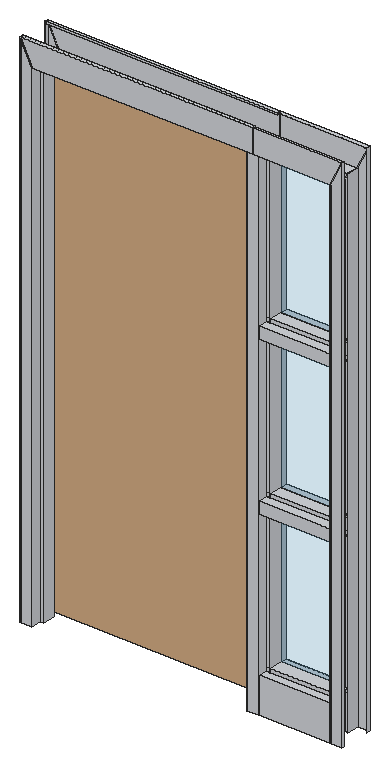
Revit family "Three SideLight Ext-F-WDMF-36 x 84 -18 LSLT-4 Head", category Doors, host Wall, Revit 2014
Parameters (values of type "Ext-F-WDMF-36" x 84"-18"LSLT-4" Head")
  Width = Door Panel Width  # 3' - 0"
  Wall Thickness [instance] = 0' - 5 3/4"
  URL = ""
  Type Comments = "EXT,"
  Thickness = 0' - 1 3/4"
  Swing Angle [instance] = 90.00°
  Sidelite Width = P1 Width - 0' 2"  # 1' - 0"
  SDI RO Spacing = 0' - 0"
  SDI Panel 1 Width = Leaf Width + 0' 0 3/16"  # 3' - 0"
  SDI No Panels = ""
  SDI Left Sidelite Width = Sidelite Width  # 1' - 0"
  SDI HW Set [instance] = ""
  SDI HW Item LO-2 [instance] = ""
  SDI HW Item LO-1 [instance] = ""
  SDI HW Item KP-2 [instance] = ""
  SDI HW Item KP-1 [instance] = ""
  SDI HW Item HI-2 [instance] = ""
  SDI HW Item HI-1 [instance] = ""
  SDI HW Item HC-2 [instance] = ""
  SDI HW Item HC-1 [instance] = ""
  SDI HW Item ED-2 [instance] = ""
  SDI HW Item ED-1 [instance] = ""
  SDI HW Item DO-2 [instance] = ""
  SDI HW Item DO-1 [instance] = ""
  SDI HW Item CL-2 [instance] = ""
  SDI HW Item CL-1 [instance] = ""
  SDI Glass Material = Glass
  SDI Frame Type = "Panel Left Sidelite"
  SDI Frame Sill Width = 0' - 6"
  SDI Frame Material Type = "Hollow Metal"
  SDI Frame Material = Paint - Generic - Prime
  SDI Frame Manufacturer = ""
  SDI Frame Jamb Width = 0' - 2"
  SDI Frame Head Width = 0' - 4"
  SDI Frame Finish Type = "Painted"
  SDI Frame Finish Color = "Prime"
  SDI Frame Depth [instance] = 0' - 5 3/4"
  SDI Family Version = "1.0"
  SDI Door Panel Type = "F"
  SDI Door Material Type = "Hollow Metal"
  SDI Door Material = Stain - SRO - Red Oak 100 Clear
  SDI Door Manufacturer = ""
  SDI Door Finish Type = "Painted"
  SDI Door Finish Color = "Prime"
  SDI Door Configuration = "SG"
  SDI Arch Frame Type [instance] = ""
  SDI Arch Frame Material Type [instance] = "HM"
  SDI Arch Door Panel Type [instance] = "F"
  SDI Arch Door Material Type [instance] = "HM"
  SDI Adjacent Wall Placement = 0' - 4"
  Rough Width = Frame Width - 0' 0" + 2 * SDI RO Spacing  # 4' - 6"
  Rough Height = Frame Height - 0' 0" + SDI RO Spacing  # 7' - 4"
  R1 Height = 7' - 2"
  P2 Width = 3' - 2"
  P1 Width = 1' - 2"
  Model = "Ext-F-WDMF-36\" x 84\"-18\"LSLT-4\" Head"
  Manufacturer = ""
  Leaf Width = P2 Width - 0' 2 3/16"  # 2' - 11 13/16"
  Height = Door Panel Height  # 7' - 0"
  Glass Offset [instance] = 0' 2 1/16" + (SDI Frame Depth - 0' 5 3/4") / 2  # 0' - 2 1/16"
  Function = Exterior
  Frame Width = P1 Width + P2 Width + 0' 2"  # 4' - 6"
  Frame Offset [instance] = if(Aligned Exterior, SDI Frame Depth / 2, if(Aligned Center, Wall Thickness / 2, if(Aligned Interior, Wall Thickness - SDI Frame Depth + SDI Frame Depth / 2, Aligned Other)))  # 0' - 2 7/8"
  Frame Height = R1 Height + 0' 2"  # 7' - 4"
  Fire Rating = ""
  Exterior Glazing [instance] = no
  Door Panel Width = P2 Width - 0' 2"  # 3' - 0"
  Door Panel Height = R1 Height + 0' 2" - (0' 4")  # 7' - 0"
  Door Offset [instance] = 0' 2 13/16" + (SDI Frame Depth - 0' 5 3/4") / 2  # 0' - 2 13/16"
  Description = "Three SideLight Hollow Wood Door with Hollow Metal Frame"
  Cost = 0
  Assembly Code = "B2030220"
  Analytic Construction = "<None>"
  Aligned Other [instance] = 0' - 0"
  Aligned Interior [instance] = no
  Aligned Exterior [instance] = yes
  Aligned Center [instance] = no
  ADA Clearance Lines = no
Reference planes (in)
  plane 1: y = 0
  plane 2 "Center (Left/Right)": x = 0
  plane 3 "Wall Edge": y = 2.875
  plane 4 "Wall Interior": y = -2.875
  plane 5 "ModelRefLevel": z = 0
  plane 6 "FrameDepthPlane": y = 0
  plane 7 "FrameFront": y = 2.875
  plane 8 "FrameBack": y = -2.875
  plane 9 "V0": x = 26
  plane 10 "V1": x = 12
  plane 11 "V2": x = -26
  plane 12 "H0": z = 1
  plane 13 "H1": z = 87
  plane 14 "InTermLeftJamb0": x = 25
  plane 15 "OutTermLeftJamb0": x = 27
  plane 16 "OutsideJamb1": x = 11
  plane 17 "InsideJamb1": x = 13
  plane 18 "InTermRightJamb2": x = -25
  plane 19 "OutTermRightJamb2": x = -27
  plane 20 "D0.151041666666667": y = 1.0625
  plane 21 "D0.109375": y = 1.5625
  plane 22 "DoorLeft": x = 11
  plane 23 "DoorRight": x = -25
  plane 24 "DoorCenter": x = -7
  plane 25 "DoorTop": z = 83.875
  plane 26 "DoorCenterTB": z = 41.9375
  plane 27 "DoorExtFace": y = 2.8125
  plane 28 "DoorGlassFace": y = 2.0625
  plane 29 "LockCenterLine": z = 41.3125
  plane 30 "ActDoorRight": x = -24.90625
  plane 31 "SwingClrPlane": y = 62.875
  plane 32 "SwingPartialPlane": y = 50.875
  plane 33 "LeftAdjWall": x = 31
  plane 34: z = 44
  plane 35: z = 57.5625
  plane 36: z = 31.25
  plane 37: z = 4.9375
Forms (in)
  Extrusion 1, solid
    sketch origin (145.6875, 0, 44) x (-1, 0, 0) y (0, -1, 0)
      loop
        line (118.6875, -2.375) -> (118.6875, -2.875) -> (120.6875, -2.875) -> (120.6875, -0.9375) -> (121.3125, -0.9375) -> (121.3125, 1.3125) -> (120.6875, 1.3125) -> (120.6875, 2.875) -> (118.6875, 2.875) -> (118.6875, 2.4375) -> (118.75, 2.4375) -> (118.75, 2.8125) -> (120.625, 2.8125) -> (120.625, 1.25) -> (121.25, 1.25) -> (121.25, -0.875) -> (120.625, -0.875) -> (120.625, -2.8125) -> (118.75, -2.8125) -> (118.75, -2.375) -> (118.6875, -2.375)
    from -44 to 44
  Extrusion 2, void
    sketch origin (0, 2.875, 0) x (1, 0, 0) y (0, 0, 1)
      loop
        line (27, 88) -> (24.375, 88) -> (24.375, 82.75) -> (27, 88)
    from -12 to 12
  Extrusion 3, solid
    sketch origin (132, 0, 42) x (-1, 0, 0) y (0, -1, 0)
      loop
        line (119, -2.875) -> (121, -2.875) -> (121, -0.9375) -> (121.625, -0.9375) -> (121.625, 1.3125) -> (121, 1.3125) -> (121, 2.875) -> (119, 2.875) -> (119, 1.3125) -> (118.375, 1.3125) -> (118.375, -0.9375) -> (119, -0.9375) -> (119, -2.875)
      loop
        line (119.0625, -2.8125) -> (120.9375, -2.8125) -> (120.9375, -0.875) -> (121.5625, -0.875) -> (121.5625, 1.25) -> (120.9375, 1.25) -> (120.9375, 2.8125) -> (119.0625, 2.8125) -> (119.0625, 1.25) -> (118.4375, 1.25) -> (118.4375, -0.875) -> (119.0625, -0.875) -> (119.0625, -2.8125)
    from -42 to 42
  Extrusion 4, solid
    sketch origin (94.3125, 0, 44) x (-1, 0, 0) y (0, -1, 0)
      loop
        line (121.25, -2.375) -> (121.25, -2.8125) -> (119.375, -2.8125) -> (119.375, -0.875) -> (118.75, -0.875) -> (118.75, 1.25) -> (119.375, 1.25) -> (119.375, 2.8125) -> (121.25, 2.8125) -> (121.25, 2.4375) -> (121.3125, 2.4375) -> (121.3125, 2.875) -> (119.3125, 2.875) -> (119.3125, 1.3125) -> (118.6875, 1.3125) -> (118.6875, -0.9375) -> (119.3125, -0.9375) -> (119.3125, -2.875) -> (121.3125, -2.875) -> (121.3125, -2.375) -> (121.25, -2.375)
    from -44 to 44
  Extrusion 5, void
    sketch origin (0, 2.875, 0) x (1, 0, 0) y (0, 0, 1)
      loop
        line (-27, 88) -> (-24.375, 82.75) -> (-24.375, 88) -> (-27, 88)
    from -12 to 12
  Extrusion 6, solid
    sketch origin (19, 0, 3.3125) x (0, 1, 0) y (0, 0, 1)
      loop
        line (2.375, -3.3125) -> (2.875, -3.3125) -> (2.875, 2.6875) -> (0.9375, 2.6875) -> (0.9375, 3.3125) -> (-1.3125, 3.3125) -> (-1.3125, 2.6875) -> (-2.875, 2.6875) -> (-2.875, -3.3125) -> (-2.4375, -3.3125) -> (-2.4375, -3.25) -> (-2.8125, -3.25) -> (-2.8125, 2.625) -> (-1.25, 2.625) -> (-1.25, 3.25) -> (0.875, 3.25) -> (0.875, 2.625) -> (2.8125, 2.625) -> (2.8125, -3.25) -> (2.375, -3.25) -> (2.375, -3.3125)
    from -6 to 6
  Extrusion 7, solid
    sketch origin (19.5, 0, 85.6875) x (0, 1, 0) y (0, 0, 1)
      loop
        line (2.375, 2.25) -> (2.8125, 2.25) -> (2.8125, -1.625) -> (0.875, -1.625) -> (0.875, -2.25) -> (-1.25, -2.25) -> (-1.25, -1.625) -> (-2.8125, -1.625) -> (-2.8125, 2.25) -> (-2.4375, 2.25) -> (-2.4375, 2.3125) -> (-2.875, 2.3125) -> (-2.875, -1.6875) -> (-1.3125, -1.6875) -> (-1.3125, -2.3125) -> (0.9375, -2.3125) -> (0.9375, -1.6875) -> (2.875, -1.6875) -> (2.875, 2.3125) -> (2.375, 2.3125) -> (2.375, 2.25)
    from -7.5 to 7.5
  Extrusion 8, void
    sketch origin (0, 2.875, 0) x (1, 0, 0) y (0, 0, 1)
      loop
        line (27, 88) -> (24.6875, 83.375) -> (27, 83.375) -> (27, 88)
    from -12 to 12
  Extrusion 9, solid
    sketch origin (-7.5, 0, 85.6875) x (0, 1, 0) y (0, 0, 1)
      loop
        line (2.4375, 1.9375) -> (2.4375, 2.25) -> (2.8125, 2.25) -> (2.8125, -1.625) -> (0.875, -1.625) -> (0.875, -2.25) -> (-1.25, -2.25) -> (-1.25, -1.625) -> (-2.8125, -1.625) -> (-2.8125, 2.25) -> (-2.4375, 2.25) -> (-2.4375, 1.9375) -> (-2.375, 1.9375) -> (-2.375, 2.3125) -> (-2.875, 2.3125) -> (-2.875, -1.6875) -> (-1.3125, -1.6875) -> (-1.3125, -2.3125) -> (0.9375, -2.3125) -> (0.9375, -1.6875) -> (2.875, -1.6875) -> (2.875, 2.3125) -> (2.375, 2.3125) -> (2.375, 1.9375) -> (2.4375, 1.9375)
    from -19.5 to 19.5
  Extrusion 10, void
    sketch origin (0, 2.875, 0) x (1, 0, 0) y (0, 0, 1)
      loop
        line (-27, 88) -> (-27, 83.375) -> (-24.6875, 83.375) -> (-27, 88)
    from -12 to 12
  Extrusion 11, solid, material "Glass" <- "SDI Glass Material"
    sketch origin (-60, 1.0625, -12) x (1, 0, 0) y (0, 0, 1)
      loop
        line (85, 18) -> (85, 42.25) -> (73, 42.25) -> (73, 18) -> (85, 18)
      loop
        line (73, 96) -> (73, 70.5625) -> (85, 70.5625) -> (85, 96) -> (73, 96)
      loop
        line (85, 68.5625) -> (73, 68.5625) -> (73, 44.25) -> (85, 44.25) -> (85, 68.5625)
    from -0.125 to 0.125
  Extrusion 12, solid, material "Glass" <- "SDI Glass Material", visible <- "Exterior Glazing"
    sketch origin (-60, 1.5625, -12) x (1, 0, 0) y (0, 0, 1)
      loop
        line (85, 18) -> (85, 41.6875) -> (73, 41.6875) -> (73, 18) -> (85, 18)
      loop
        line (73, 96) -> (73, 70.5625) -> (85, 70.5625) -> (85, 96) -> (73, 96)
      loop
        line (85, 68.625) -> (73, 68.625) -> (73, 44.25) -> (85, 44.25) -> (85, 68.625)
    from -0.125 to 0.125
  Extrusion 13, solid, material "Stain - SRO - Red Oak 100 Clear" <- "SDI Door Material"
    sketch origin (-60, 2.8125, -12) x (1, 0, 0) y (0, 0, 1)
      loop
        line (35.09375, 12.625) -> (70.90625, 12.625) -> (70.90625, 95.875) -> (35.09375, 95.875) -> (35.09375, 12.625)
    from 0 to 1.75
  Sweep 14, solid
    path origin (0, 2.875, 0) x (1, 0, 0) y (0, 0, 1)
      loop
        line (25, 44) -> (13, 44)
    profile origin (19, 2.875, 44) x (0, 0, -1) y (0, -1, 0)
      loop
        line (-12, 4.125) -> (-12.625, 4.125) -> (-12.625, 5.6875) -> (-14.5, 5.6875) -> (-14.5, 4.125) -> (-15.125, 4.125) -> (-15.125, 2) -> (-14.5, 2) -> (-14.5, 0.0625) -> (-12.625, 0.0625) -> (-12.625, 2) -> (-12, 2) -> (-12, 4.125)
      loop
        line (-14.5625, 0) -> (-12.5625, 0) -> (-12.5625, 1.9375) -> (-11.9375, 1.9375) -> (-11.9375, 4.1875) -> (-12.5625, 4.1875) -> (-12.5625, 5.75) -> (-14.5625, 5.75) -> (-14.5625, 4.1875) -> (-15.1875, 4.1875) -> (-15.1875, 1.9375) -> (-14.5625, 1.9375) -> (-14.5625, 0)
      loop
        line (14.3125, 4.125) -> (13.6875, 4.125) -> (13.6875, 5.6875) -> (11.8125, 5.6875) -> (11.8125, 4.125) -> (11.1875, 4.125) -> (11.1875, 2) -> (11.8125, 2) -> (11.8125, 0.0625) -> (13.6875, 0.0625) -> (13.6875, 2) -> (14.3125, 2) -> (14.3125, 4.125)
      loop
        line (11.75, 0) -> (13.75, 0) -> (13.75, 1.9375) -> (14.375, 1.9375) -> (14.375, 4.1875) -> (13.75, 4.1875) -> (13.75, 5.75) -> (11.75, 5.75) -> (11.75, 4.1875) -> (11.125, 4.1875) -> (11.125, 1.9375) -> (11.75, 1.9375) -> (11.75, 0)
Cuts and joins
  Extrusion 2 cuts Extrusion 1
  Extrusion 5 cuts Extrusion 4
  Extrusion 8 cuts Extrusion 7
  Extrusion 10 cuts Extrusion 9
Lines and regions (in)
  Opening 1
    outline origin (-60, -2.875, 0) x (1, 0, 0) y (0, 0, 1)
      loop
        line (87, 0) -> (87, 88) -> (33, 88) -> (33, 0) -> (87, 0)
  symbolic lines, style "DoorsFrameMullionProjection", detail levels fine
    curve 1: line (27, 2.375, 0) -> (27, 2.875, 0)
    curve 2: line (27, 2.875, 0) -> (25, 2.875, 0)
    curve 3: line (25, 2.875, 0) -> (25, 0.9375, 0)
    curve 4: line (25, 0.9375, 0) -> (24.375, 0.9375, 0)
    curve 5: line (24.375, 0.9375, 0) -> (24.375, -1.3125, 0)
    curve 6: line (24.375, -1.3125, 0) -> (25, -1.3125, 0)
    curve 7: line (25, -1.3125, 0) -> (25, -2.875, 0)
    curve 8: line (25, -2.875, 0) -> (27, -2.875, 0)
    curve 9: line (27, -2.875, 0) -> (27, -2.4375, 0)
    curve 10: line (27, -2.4375, 0) -> (26.9375, -2.4375, 0)
    curve 11: line (26.9375, -2.4375, 0) -> (26.9375, -2.8125, 0)
    curve 12: line (26.9375, -2.8125, 0) -> (25.0625, -2.8125, 0)
    curve 13: line (25.0625, -2.8125, 0) -> (25.0625, -1.25, 0)
    curve 14: line (25.0625, -1.25, 0) -> (24.4375, -1.25, 0)
    curve 15: line (24.4375, -1.25, 0) -> (24.4375, 0.875, 0)
    curve 16: line (24.4375, 0.875, 0) -> (25.0625, 0.875, 0)
    curve 17: line (25.0625, 0.875, 0) -> (25.0625, 2.8125, 0)
    curve 18: line (25.0625, 2.8125, 0) -> (26.9375, 2.8125, 0)
    curve 19: line (26.9375, 2.8125, 0) -> (26.9375, 2.375, 0)
    curve 20: line (26.9375, 2.375, 0) -> (27, 2.375, 0)
    curve 25: line (13, 2.875, 0) -> (11, 2.875, 0)
    curve 26: line (11, 2.875, 0) -> (11, 0.9375, 0)
    curve 27: line (11, 0.9375, 0) -> (10.375, 0.9375, 0)
    curve 28: line (10.375, 0.9375, 0) -> (10.375, -1.3125, 0)
    curve 29: line (10.375, -1.3125, 0) -> (11, -1.3125, 0)
    curve 30: line (11, -1.3125, 0) -> (11, -2.875, 0)
    curve 31: line (11, -2.875, 0) -> (13, -2.875, 0)
    curve 32: line (13, -2.875, 0) -> (13, -1.3125, 0)
    curve 33: line (13, -1.3125, 0) -> (13.625, -1.3125, 0)
    curve 34: line (13.625, -1.3125, 0) -> (13.625, 0.9375, 0)
    curve 35: line (13.625, 0.9375, 0) -> (13, 0.9375, 0)
    curve 36: line (13, 0.9375, 0) -> (13, 2.875, 0)
    curve 37: line (12.9375, 2.8125, 0) -> (11.0625, 2.8125, 0)
    curve 38: line (11.0625, 2.8125, 0) -> (11.0625, 0.875, 0)
    curve 39: line (11.0625, 0.875, 0) -> (10.4375, 0.875, 0)
    curve 40: line (10.4375, 0.875, 0) -> (10.4375, -1.25, 0)
    curve 41: line (10.4375, -1.25, 0) -> (11.0625, -1.25, 0)
    curve 42: line (11.0625, -1.25, 0) -> (11.0625, -2.8125, 0)
    curve 43: line (11.0625, -2.8125, 0) -> (12.9375, -2.8125, 0)
    curve 44: line (12.9375, -2.8125, 0) -> (12.9375, -1.25, 0)
    curve 45: line (12.9375, -1.25, 0) -> (13.5625, -1.25, 0)
    curve 46: line (13.5625, -1.25, 0) -> (13.5625, 0.875, 0)
    curve 47: line (13.5625, 0.875, 0) -> (12.9375, 0.875, 0)
    curve 48: line (12.9375, 0.875, 0) -> (12.9375, 2.8125, 0)
    curve 53: line (-26.9375, 2.375, 0) -> (-26.9375, 2.8125, 0)
    curve 54: line (-26.9375, 2.8125, 0) -> (-25.0625, 2.8125, 0)
    curve 55: line (-25.0625, 2.8125, 0) -> (-25.0625, 0.875, 0)
    curve 56: line (-25.0625, 0.875, 0) -> (-24.4375, 0.875, 0)
    curve 57: line (-24.4375, 0.875, 0) -> (-24.4375, -1.25, 0)
    curve 58: line (-24.4375, -1.25, 0) -> (-25.0625, -1.25, 0)
    curve 59: line (-25.0625, -1.25, 0) -> (-25.0625, -2.8125, 0)
    curve 60: line (-25.0625, -2.8125, 0) -> (-26.9375, -2.8125, 0)
    curve 61: line (-26.9375, -2.8125, 0) -> (-26.9375, -2.4375, 0)
    curve 62: line (-26.9375, -2.4375, 0) -> (-27, -2.4375, 0)
    curve 63: line (-27, -2.4375, 0) -> (-27, -2.875, 0)
    curve 64: line (-27, -2.875, 0) -> (-25, -2.875, 0)
    curve 65: line (-25, -2.875, 0) -> (-25, -1.3125, 0)
    curve 66: line (-25, -1.3125, 0) -> (-24.375, -1.3125, 0)
    curve 67: line (-24.375, -1.3125, 0) -> (-24.375, 0.9375, 0)
    curve 68: line (-24.375, 0.9375, 0) -> (-25, 0.9375, 0)
    curve 69: line (-25, 0.9375, 0) -> (-25, 2.875, 0)
    curve 70: line (-25, 2.875, 0) -> (-27, 2.875, 0)
    curve 71: line (-27, 2.875, 0) -> (-27, 2.375, 0)
    curve 72: line (-27, 2.375, 0) -> (-26.9375, 2.375, 0)
  symbolic lines, style "DoorsFrameMullionProjection", detail levels coarse+medium
    curve 21: line (25, -2.875, 0) -> (27, -2.875, 0)
    curve 22: line (25, 2.875, 0) -> (27, 2.875, 0)
    curve 23: line (25, -2.875, 0) -> (25, 2.875, 0)
    curve 24: line (27, -2.875, 0) -> (27, 2.875, 0)
    curve 49: line (11, -2.875, 0) -> (13, -2.875, 0)
    curve 50: line (11, 2.875, 0) -> (13, 2.875, 0)
    curve 51: line (11, -2.875, 0) -> (11, 2.875, 0)
    curve 52: line (13, -2.875, 0) -> (13, 2.875, 0)
    curve 73: line (-27, -2.875, 0) -> (-25, -2.875, 0)
    curve 74: line (-27, 2.875, 0) -> (-25, 2.875, 0)
    curve 75: line (-27, -2.875, 0) -> (-27, 2.875, 0)
    curve 76: line (-25, -2.875, 0) -> (-25, 2.875, 0)
  symbolic lines, style "Elevation Swing"
    curve 77: line (10.90625, 2.875, 83.875) -> (-24.90625, 2.875, 41.9375)
    curve 78: line (10.90625, 2.875, 0) -> (-24.90625, 2.875, 41.9375)
  symbolic lines, style "ADA Clearance", visible <- "ADA Clearance Lines"
    curve 79: line (-27, 2.875, 0) -> (-27, 62.875, 0)
    curve 80: line (29, 62.875, 0) -> (-27, 62.875, 0)
    curve 81: line (29, 50.875, 0) -> (-27, 50.875, 0)
    curve 82: line (29, 2.875, 0) -> (29, 62.875, 0)
    curve 83: line (-27, -2.875, 0) -> (-27, -50.875, 0)
    curve 84: line (23, -50.875, 0) -> (-27, -50.875, 0)
    curve 85: line (23, -2.875, 0) -> (23, -50.875, 0)
Text (in)
  text "Placement Side" at (0, 40.15149, 123.01588), in view "Right"
  text "Placement Side" at (-70.3804, 28.46503, 0), in view "Ref. Level"
  text "Placement Side" at (0, 81.62555, 140.59947), in view "Left"
Dimensions and locks (in)
  locked: plane 3 "Wall Edge" to host wall
  equal spacing: host wall, plane 2 "Center (Left/Right)", host wall
  "Rough Width": host wall to host wall
  "Rough Height": level to host wall
  equal spacing: plane 3 "Wall Edge", plane 1, plane 4 "Wall Interior"
  "Wall Thickness": host wall to host wall
  "Frame Offset": plane 3 "Wall Edge" to plane 6 "FrameDepthPlane"
  equal spacing: plane 7 "FrameFront", plane 6 "FrameDepthPlane", plane 8 "FrameBack"
  "SDI Frame Depth": plane 7 "FrameFront" to plane 8 "FrameBack"
  equal spacing: plane 9 "V0", plane 2 "Center (Left/Right)", plane 11 "V2"
  "P1 Width": plane 9 "V0" to plane 10 "V1"
  "P2 Width": plane 10 "V1" to plane 11 "V2"
  "R1 Height": plane 12 "H0" to plane 13 "H1"
  locked: plane 13 "H1" to Extrusion 1 at 1
  locked: plane 12 "H0" to Extrusion 1 at 1
  locked: plane 9 "V0" to Extrusion 1 at 1  (x4)
  locked: plane 9 "V0" to Extrusion 1 at 0.9375  (x5)
  locked: plane 9 "V0" to Extrusion 1 at 1.5625
  locked: plane 9 "V0" to Extrusion 1 at 1.625
  locked: plane 9 "V0" to curve 1 at 1
  locked: plane 9 "V0" to curve 2 at 1
  locked: plane 9 "V0" to curve 3 at 1
  locked: plane 9 "V0" to curve 4 at 1
  locked: plane 9 "V0" to curve 5 at 1.625
  locked: plane 9 "V0" to curve 6 at 1.625
  locked: plane 9 "V0" to curve 7 at 1
  locked: plane 9 "V0" to curve 8 at 1
  locked: plane 9 "V0" to curve 9 at 1
  locked: plane 9 "V0" to curve 10 at 1
  locked: plane 9 "V0" to curve 11 at 0.9375
  locked: plane 9 "V0" to curve 12 at 0.9375
  locked: plane 9 "V0" to curve 13 at 0.9375
  locked: plane 9 "V0" to curve 14 at 0.9375
  locked: plane 9 "V0" to curve 15 at 1.5625
  locked: plane 9 "V0" to curve 16 at 1.5625
  locked: plane 9 "V0" to curve 17 at 0.9375
  locked: plane 9 "V0" to curve 18 at 0.9375
  locked: plane 9 "V0" to curve 19 at 0.9375
  locked: plane 9 "V0" to curve 20 at 0.9375
  locked: plane 9 "V0" to plane 15 "OutTermLeftJamb0" at 1
  locked: plane 9 "V0" to plane 14 "InTermLeftJamb0" at 1
  locked: plane 9 "V0" to curve 21 at 1
  locked: plane 9 "V0" to curve 22 at 1
  locked: plane 9 "V0" to curve 23 at 1
  locked: plane 9 "V0" to curve 24 at 1
  locked: plane 13 "H1" to Extrusion 3 at 3
  locked: plane 12 "H0" to Extrusion 3 at 1
  locked: plane 10 "V1" to Extrusion 3 at 1  (x5)
  locked: plane 10 "V1" to Extrusion 3 at 1.625  (x2)
  locked: plane 10 "V1" to Extrusion 3 at 0.9375  (x4)
  locked: plane 10 "V1" to Extrusion 3 at 1.5625  (x2)
  locked: plane 10 "V1" to curve 25 at 1
  locked: plane 10 "V1" to curve 26 at 1
  locked: plane 10 "V1" to curve 27 at 1
  locked: plane 10 "V1" to curve 28 at 1.625
  locked: plane 10 "V1" to curve 29 at 1.625
  locked: plane 10 "V1" to curve 30 at 1
  locked: plane 10 "V1" to curve 31 at 1
  locked: plane 10 "V1" to curve 32 at 1
  locked: plane 10 "V1" to curve 33 at 1
  locked: plane 10 "V1" to curve 34 at 1.625
  locked: plane 10 "V1" to curve 35 at 1.625
  locked: plane 10 "V1" to curve 36 at 1
  locked: plane 10 "V1" to curve 37 at 0.9375
  locked: plane 10 "V1" to curve 38 at 0.9375
  locked: plane 10 "V1" to curve 39 at 0.9375
  locked: plane 10 "V1" to curve 40 at 1.5625
  locked: plane 10 "V1" to curve 41 at 1.5625
  locked: plane 10 "V1" to curve 42 at 0.9375
  locked: plane 10 "V1" to curve 43 at 0.9375
  locked: plane 10 "V1" to curve 44 at 0.9375
  locked: plane 10 "V1" to curve 45 at 0.9375
  locked: plane 10 "V1" to curve 46 at 1.5625
  locked: plane 10 "V1" to curve 47 at 1.5625
  locked: plane 10 "V1" to curve 48 at 0.9375
  locked: plane 10 "V1" to plane 16 "OutsideJamb1" at 1
  locked: plane 10 "V1" to plane 17 "InsideJamb1" at 1
  locked: plane 10 "V1" to curve 49 at 1
  locked: plane 10 "V1" to curve 50 at 1
  locked: plane 10 "V1" to curve 51 at 1
  locked: plane 10 "V1" to curve 52 at 1
  locked: plane 13 "H1" to Extrusion 4 at 1
  locked: plane 12 "H0" to Extrusion 4 at 1
  locked: plane 11 "V2" to Extrusion 4 at 0.9375  (x4)
  locked: plane 11 "V2" to Extrusion 4 at 1  (x5)
  locked: plane 11 "V2" to Extrusion 4 at 1.625
  locked: plane 11 "V2" to Extrusion 4 at 1.5625
  locked: plane 11 "V2" to curve 53 at 0.9375
  locked: plane 11 "V2" to curve 54 at 0.9375
  locked: plane 11 "V2" to curve 55 at 0.9375
  locked: plane 11 "V2" to curve 56 at 0.9375
  locked: plane 11 "V2" to curve 57 at 1.5625
  locked: plane 11 "V2" to curve 58 at 1.5625
  locked: plane 11 "V2" to curve 59 at 0.9375
  locked: plane 11 "V2" to curve 60 at 0.9375
  locked: plane 11 "V2" to curve 61 at 0.9375
  locked: plane 11 "V2" to curve 62 at 0.9375
  locked: plane 11 "V2" to curve 63 at 1
  locked: plane 11 "V2" to curve 64 at 1
  locked: plane 11 "V2" to curve 65 at 1
  locked: plane 11 "V2" to curve 66 at 1
  locked: plane 11 "V2" to curve 67 at 1.625
  locked: plane 11 "V2" to curve 68 at 1.625
  locked: plane 11 "V2" to curve 69 at 1
  locked: plane 11 "V2" to curve 70 at 1
  locked: plane 11 "V2" to curve 71 at 1
  locked: plane 11 "V2" to curve 72 at 1
  locked: plane 11 "V2" to plane 18 "InTermRightJamb2" at 1
  locked: plane 11 "V2" to plane 19 "OutTermRightJamb2" at 1
  locked: plane 11 "V2" to curve 73 at 1
  locked: plane 11 "V2" to curve 74 at 1
  locked: plane 11 "V2" to curve 75 at 1
  locked: plane 11 "V2" to curve 76 at 1
  locked: plane 9 "V0" to Extrusion 6 at 1
  locked: plane 10 "V1" to Extrusion 6 at 1
  locked: plane 12 "H0" to Extrusion 6 at 5  (x2)
  locked: plane 12 "H0" to Extrusion 6 at 5.625
  locked: plane 12 "H0" to Extrusion 6 at 0.9375  (x2)
  locked: plane 12 "H0" to Extrusion 6 at 1  (x3)
  locked: plane 12 "H0" to Extrusion 6 at 4.9375  (x2)
  locked: plane 12 "H0" to Extrusion 6 at 5.5625
  locked: plane 9 "V0" to Extrusion 7 at 1
  locked: plane 13 "H1" to Extrusion 7 at 2.9375  (x2)
  locked: plane 13 "H1" to Extrusion 7 at 3.5625
  locked: plane 13 "H1" to Extrusion 7 at 1  (x2)
  locked: plane 13 "H1" to Extrusion 7 at 0.9375  (x3)
  locked: plane 13 "H1" to Extrusion 7 at 3  (x2)
  locked: plane 13 "H1" to Extrusion 7 at 3.625
  locked: plane 11 "V2" to Extrusion 9 at 1
  locked: plane 13 "H1" to Extrusion 9 at 2.9375  (x2)
  locked: plane 13 "H1" to Extrusion 9 at 3.5625
  locked: plane 13 "H1" to Extrusion 9 at 1  (x2)
  locked: plane 13 "H1" to Extrusion 9 at 0.9375  (x3)
  locked: plane 13 "H1" to Extrusion 9 at 0.625  (x2)
  locked: plane 13 "H1" to Extrusion 9 at 3  (x2)
  locked: plane 13 "H1" to Extrusion 9 at 3.625
  locked: plane 7 "FrameFront" to cut or joined group of Extrusion 1, Extrusion 2 at 1.9375
  locked: plane 7 "FrameFront" to cut or joined group of Extrusion 1, Extrusion 2 at 2
  locked: plane 7 "FrameFront" to cut or joined group of Extrusion 1, Extrusion 2 at 0.0625
  locked: plane 7 "FrameFront" to cut or joined group of Extrusion 1, Extrusion 2 at 0.5
  locked: plane 8 "FrameBack" to cut or joined group of Extrusion 1, Extrusion 2 at 1.5625
  locked: plane 8 "FrameBack" to cut or joined group of Extrusion 1, Extrusion 2 at 0.4375
  locked: plane 8 "FrameBack" to cut or joined group of Extrusion 1, Extrusion 2 at 0.0625
  locked: plane 8 "FrameBack" to cut or joined group of Extrusion 1, Extrusion 2 at 1.625
  locked: plane 7 "FrameFront" to Extrusion 3 at 1.9375  (x2)
  locked: plane 7 "FrameFront" to Extrusion 3 at 0.0625
  locked: plane 7 "FrameFront" to Extrusion 3 at 2  (x2)
  locked: plane 8 "FrameBack" to Extrusion 3 at 1.5625  (x2)
  locked: plane 8 "FrameBack" to Extrusion 3 at 1.625  (x2)
  locked: plane 8 "FrameBack" to Extrusion 3 at 0.0625
  locked: plane 7 "FrameFront" to cut or joined group of Extrusion 4, Extrusion 5 at 0.0625
  locked: plane 7 "FrameFront" to cut or joined group of Extrusion 4, Extrusion 5 at 2
  locked: plane 7 "FrameFront" to cut or joined group of Extrusion 4, Extrusion 5 at 1.9375
  locked: plane 7 "FrameFront" to cut or joined group of Extrusion 4, Extrusion 5 at 0.5
  locked: plane 8 "FrameBack" to cut or joined group of Extrusion 4, Extrusion 5 at 1.625
  locked: plane 8 "FrameBack" to cut or joined group of Extrusion 4, Extrusion 5 at 0.0625
  locked: plane 8 "FrameBack" to cut or joined group of Extrusion 4, Extrusion 5 at 0.4375
  locked: plane 8 "FrameBack" to cut or joined group of Extrusion 4, Extrusion 5 at 1.5625
  locked: plane 7 "FrameFront" to Extrusion 6 at 1.9375
  locked: plane 7 "FrameFront" to Extrusion 6 at 2
  locked: plane 7 "FrameFront" to Extrusion 6 at 0.0625
  locked: plane 7 "FrameFront" to Extrusion 6 at 0.5
  locked: plane 8 "FrameBack" to Extrusion 6 at 1.5625
  locked: plane 8 "FrameBack" to Extrusion 6 at 0.4375
  locked: plane 8 "FrameBack" to Extrusion 6 at 0.0625
  locked: plane 8 "FrameBack" to Extrusion 6 at 1.625
  locked: plane 7 "FrameFront" to cut or joined group of Extrusion 7, Extrusion 8 at 0.0625
  locked: plane 7 "FrameFront" to cut or joined group of Extrusion 7, Extrusion 8 at 2
  locked: plane 7 "FrameFront" to cut or joined group of Extrusion 7, Extrusion 8 at 1.9375
  locked: plane 7 "FrameFront" to cut or joined group of Extrusion 7, Extrusion 8 at 0.5
  locked: plane 8 "FrameBack" to cut or joined group of Extrusion 7, Extrusion 8 at 1.625
  locked: plane 8 "FrameBack" to cut or joined group of Extrusion 7, Extrusion 8 at 0.0625
  locked: plane 8 "FrameBack" to cut or joined group of Extrusion 7, Extrusion 8 at 0.4375
  locked: plane 8 "FrameBack" to cut or joined group of Extrusion 7, Extrusion 8 at 1.5625
  locked: plane 7 "FrameFront" to cut or joined group of Extrusion 9, Extrusion 10 at 0.0625
  locked: plane 7 "FrameFront" to cut or joined group of Extrusion 9, Extrusion 10 at 2
  locked: plane 7 "FrameFront" to cut or joined group of Extrusion 9, Extrusion 10 at 1.9375
  locked: plane 7 "FrameFront" to cut or joined group of Extrusion 9, Extrusion 10 at 0.5
  locked: plane 7 "FrameFront" to cut or joined group of Extrusion 9, Extrusion 10 at 0.4375
  locked: plane 8 "FrameBack" to cut or joined group of Extrusion 9, Extrusion 10 at 1.625
  locked: plane 8 "FrameBack" to cut or joined group of Extrusion 9, Extrusion 10 at 0.0625
  locked: plane 8 "FrameBack" to cut or joined group of Extrusion 9, Extrusion 10 at 0.4375
  locked: plane 8 "FrameBack" to cut or joined group of Extrusion 9, Extrusion 10 at 0.5
  locked: plane 8 "FrameBack" to cut or joined group of Extrusion 9, Extrusion 10 at 1.5625
  locked: plane 7 "FrameFront" to curve 4 at 1.9375
  locked: plane 7 "FrameFront" to curve 16 at 2
  locked: plane 7 "FrameFront" to curve 18 at 0.0625
  locked: plane 7 "FrameFront" to curve 20 at 0.5
  locked: plane 7 "FrameFront" to curve 27 at 1.9375
  locked: plane 7 "FrameFront" to curve 35 at 1.9375
  locked: plane 7 "FrameFront" to curve 37 at 0.0625
  locked: plane 7 "FrameFront" to curve 39 at 2
  locked: plane 7 "FrameFront" to curve 47 at 2
  locked: plane 7 "FrameFront" to curve 54 at 0.0625
  locked: plane 7 "FrameFront" to curve 56 at 2
  locked: plane 7 "FrameFront" to curve 68 at 1.9375
  locked: plane 7 "FrameFront" to curve 72 at 0.5
  locked: plane 8 "FrameBack" to curve 6 at 1.5625
  locked: plane 8 "FrameBack" to curve 10 at 0.4375
  locked: plane 8 "FrameBack" to curve 12 at 0.0625
  locked: plane 8 "FrameBack" to curve 14 at 1.625
  locked: plane 8 "FrameBack" to curve 29 at 1.5625
  locked: plane 8 "FrameBack" to curve 33 at 1.5625
  locked: plane 8 "FrameBack" to curve 41 at 1.625
  locked: plane 8 "FrameBack" to curve 43 at 0.0625
  locked: plane 8 "FrameBack" to curve 45 at 1.625
  locked: plane 8 "FrameBack" to curve 58 at 1.625
  locked: plane 8 "FrameBack" to curve 60 at 0.0625
  locked: plane 8 "FrameBack" to curve 62 at 0.4375
  locked: plane 8 "FrameBack" to curve 66 at 1.5625
  locked: plane 7 "FrameFront" to Extrusion 11 at 1.9375
  locked: plane 7 "FrameFront" to Extrusion 11 at 1.6875
  locked: plane 7 "FrameFront" to Extrusion 12 at 1.4375
  locked: plane 7 "FrameFront" to Extrusion 12 at 1.1875
  locked: plane 10 "V1" to plane 22 "DoorLeft" at 1
  locked: plane 11 "V2" to plane 23 "DoorRight" at 1
  locked: plane 13 "H1" to plane 25 "DoorTop" at 3.125
  equal spacing: plane 25 "DoorTop", plane 26 "DoorCenterTB", plane 5 "ModelRefLevel"
  "Door Offset": plane 6 "FrameDepthPlane" to plane 27 "DoorExtFace"
  "Glass Offset": plane 6 "FrameDepthPlane" to plane 28 "DoorGlassFace"
  locked: plane 29 "LockCenterLine" to plane 5 "ModelRefLevel" at 41.3125
  locked: Extrusion 13 to Extrusion 13 at 1.75
  locked: plane 22 "DoorLeft" to Extrusion 13 at 0.09375
  locked: plane 23 "DoorRight" to Extrusion 13 at 0.09375
  locked: plane 5 "ModelRefLevel" to Extrusion 13 at 0.625
  locked: plane 23 "DoorRight" to plane 30 "ActDoorRight" at 0.09375
  locked: plane 3 "Wall Edge" to plane 31 "SwingClrPlane" at 60
  locked: plane 3 "Wall Edge" to plane 32 "SwingPartialPlane" at 48
  "SDI Adjacent Wall Placement": plane 15 "OutTermLeftJamb0" to plane 33 "LeftAdjWall"
  equal spacing: plane 12 "H0", plane 34, plane 13 "H1"
  plane 9 "V0" to Sweep 14 sketch curve to Sweep 14 sketch curve = 0' - 1" locked, 1' - 0" locked
  equal spacing: plane 25 "DoorTop", plane 35, plane 36, plane 37
  locked: plane 5 "ModelRefLevel" to plane 37 at 4.9375
  aligned and locked: plane 4 "Wall Interior" to host wall
  aligned and locked: Extrusion 7 to plane 10 "V1"
  aligned and locked: plane 10 "V1" to Extrusion 9
  aligned and locked: cut or joined group of Extrusion 1, Extrusion 2 to plane 7 "FrameFront"
  aligned and locked: plane 8 "FrameBack" to cut or joined group of Extrusion 1, Extrusion 2
  aligned and locked: Extrusion 3 to plane 7 "FrameFront"
  aligned and locked: plane 8 "FrameBack" to Extrusion 3
  aligned and locked: cut or joined group of Extrusion 4, Extrusion 5 to plane 7 "FrameFront"
  aligned and locked: plane 8 "FrameBack" to cut or joined group of Extrusion 4, Extrusion 5
  aligned and locked: Extrusion 6 to plane 7 "FrameFront"
  aligned and locked: plane 8 "FrameBack" to Extrusion 6
  aligned and locked: cut or joined group of Extrusion 7, Extrusion 8 to plane 7 "FrameFront"
  aligned and locked: plane 8 "FrameBack" to cut or joined group of Extrusion 7, Extrusion 8
  aligned and locked: cut or joined group of Extrusion 9, Extrusion 10 to plane 7 "FrameFront"
  aligned and locked: plane 8 "FrameBack" to cut or joined group of Extrusion 9, Extrusion 10
  aligned and locked: curve 2 to plane 7 "FrameFront"
  aligned and locked: plane 7 "FrameFront" to curve 22
  aligned and locked: curve 25 to plane 7 "FrameFront"
  aligned and locked: plane 7 "FrameFront" to curve 50
  aligned and locked: curve 70 to plane 7 "FrameFront"
  aligned and locked: plane 7 "FrameFront" to curve 74
  aligned and locked: plane 8 "FrameBack" to curve 8
  aligned and locked: plane 8 "FrameBack" to curve 31
  aligned and locked: plane 8 "FrameBack" to curve 64
  aligned and locked: Extrusion 13 to plane 27 "DoorExtFace"
  aligned and locked: Extrusion 13 to plane 25 "DoorTop"
  aligned and locked: plane 7 "FrameFront" to nested 1
  aligned and locked: plane 30 "ActDoorRight" to nested 1
  aligned and locked: curve 80 to plane 31 "SwingClrPlane"
  aligned and locked: curve 81 to plane 32 "SwingPartialPlane"
  aligned and locked: Sweep 14 sketch curve to plane 34
  aligned and locked: Sweep 14 to Extrusion 12 sketch curve  (x4)
  aligned and locked: Extrusion 11 sketch curve to Sweep 14  (x2)
  aligned and locked: Sweep 14 to Extrusion 11 sketch curve
Automatic sketch dimensions
  Opening 1 sketch curve to level = 0' - 0"
  Opening 1 sketch curve to plane 2 "Center (Left/Right)" = 2' - 3"
  plane 2 "Center (Left/Right)" to Opening 1 sketch curve = 2' - 3"
  level to Opening 1 sketch curve = 7' - 4"
  Extrusion 2 sketch curve to plane 9 "V0" = 0' - 1 5/8"
  plane 9 "V0" to Extrusion 2 sketch curve = 0' - 1"
  plane 13 "H1" to Extrusion 2 sketch curve = 0' - 4 1/4"
  Extrusion 2 sketch curve to plane 13 "H1" = 0' - 1"
  Extrusion 1 sketch curve to host wall = 0' - 0"
  host wall to Extrusion 1 sketch curve = 0' - 0"
  Extrusion 1 sketch curve to host wall = 0' - 0 1/2"
  plane 2 "Center (Left/Right)" to Extrusion 1 sketch curve = 2' - 3"  (x2)
  Extrusion 1 sketch curve to host wall = 0' - 0 7/16"
  Extrusion 1 sketch curve to Extrusion 1 sketch curve = 0' - 0 1/16"  (x7)
  plane 2 "Center (Left/Right)" to Extrusion 1 sketch curve = 2' - 1 1/16"  (x2)
  Extrusion 1 sketch curve to host wall = 0' - 0 1/16"  (x2)
  Extrusion 1 sketch curve to Extrusion 1 sketch curve = 0' - 0 9/16"
  Extrusion 1 sketch curve to host wall = 0' - 0 15/16"
  host wall to Extrusion 1 sketch curve = 0' - 1 1/4"
  plane 9 "V0" to curve 1 = 0' - 1"
  curve 3 to curve 4 = 0' - 0 5/8"
  curve 7 to plane 9 "V0" = 0' - 1"
  curve 9 to curve 10 = 0' - 0 1/16"
  curve 12 to curve 7 = 0' - 0 1/16"
  curve 14 to curve 5 = 0' - 0 1/16"
  curve 16 to curve 3 = 0' - 0 1/16"
  curve 1 to curve 18 = 0' - 0 1/16"
  Extrusion 3 sketch curve to host wall = 0' - 0"
  host wall to Extrusion 3 sketch curve = 0' - 0"
  plane 2 "Center (Left/Right)" to Extrusion 3 sketch curve = 1' - 1 5/8"
  Extrusion 3 sketch curve to Extrusion 3 sketch curve = 0' - 0 1/16"  (x10)
  plane 2 "Center (Left/Right)" to Extrusion 3 sketch curve = 1' - 1"
  Extrusion 3 sketch curve to Extrusion 3 sketch curve = 0' - 0 9/16"  (x2)
  Extrusion 3 sketch curve to host wall = 0' - 0 1/16"  (x2)
  plane 2 "Center (Left/Right)" to Extrusion 3 sketch curve = 0' - 11 1/16"  (x2)
  Extrusion 3 sketch curve to host wall = 0' - 0 15/16"  (x2)
  host wall to Extrusion 3 sketch curve = 0' - 1 1/4"  (x2)
  curve 29 to curve 28 = 0' - 0 5/8"
  curve 34 to curve 35 = 0' - 0 5/8"
  curve 37 to curve 25 = 0' - 0 1/16"
  curve 39 to curve 27 = 0' - 0 1/16"
  curve 41 to curve 29 = 0' - 0 1/16"
  curve 31 to curve 43 = 0' - 0 1/16"
  curve 33 to curve 45 = 0' - 0 1/16"
  curve 35 to curve 47 = 0' - 0 1/16"
  curve 50 to plane 17 "InsideJamb1" = 0' - 0"
  curve 51 to plane 16 "OutsideJamb1" = 0' - 0"
  Extrusion 5 sketch curve to plane 11 "V2" = 0' - 1"
  plane 11 "V2" to Extrusion 5 sketch curve = 0' - 1 5/8"
  plane 13 "H1" to Extrusion 5 sketch curve = 0' - 4 1/4"
  Extrusion 5 sketch curve to plane 13 "H1" = 0' - 1"
  host wall to Extrusion 4 sketch curve = 0' - 0"
  Extrusion 4 sketch curve to host wall = 0' - 0"
  Extrusion 4 sketch curve to plane 2 "Center (Left/Right)" = 2' - 0 3/8"
  Extrusion 4 sketch curve to Extrusion 4 sketch curve = 0' - 0 1/16"  (x7)
  Extrusion 4 sketch curve to Extrusion 4 sketch curve = 0' - 0 9/16"  (x2)
  Extrusion 4 sketch curve to host wall = 0' - 0 7/16"
  Extrusion 4 sketch curve to plane 2 "Center (Left/Right)" = 2' - 2 15/16"  (x2)
  Extrusion 4 sketch curve to host wall = 0' - 0 1/2"
  Extrusion 4 sketch curve to host wall = 0' - 0 1/16"  (x2)
  Extrusion 4 sketch curve to host wall = 0' - 0 15/16"
  host wall to Extrusion 4 sketch curve = 0' - 1 1/4"
  plane 11 "V2" to curve 54 = 0' - 0 15/16"
  curve 56 to curve 55 = 0' - 0 5/8"
  curve 60 to plane 11 "V2" = 0' - 0 15/16"
  curve 61 to curve 62 = 0' - 0 1/16"
  curve 65 to curve 58 = 0' - 0 1/16"
  curve 66 to curve 57 = 0' - 0 1/16"
  curve 68 to curve 55 = 0' - 0 1/16"
  curve 53 to curve 70 = 0' - 0 1/16"
  Extrusion 6 sketch curve to host wall = 0' - 0"  (x2)
  Extrusion 6 sketch curve to host wall = 0' - 0 1/16"  (x2)
  Extrusion 6 sketch curve to Extrusion 6 sketch curve = 0' - 0 3/8"
  host wall to Extrusion 6 sketch curve = 0' - 1 5/16"
  Extrusion 6 sketch curve to Extrusion 6 sketch curve = 0' - 0 1/16"  (x7)
  Extrusion 6 sketch curve to host wall = 0' - 0 7/8"
  Extrusion 6 sketch curve to Extrusion 6 sketch curve = 0' - 0 1/2"
  Extrusion 6 sketch curve to level = 0' - 0"  (x2)
  Extrusion 6 sketch curve to plane 12 "H0" = 0' - 4 15/16"  (x2)
  Extrusion 6 sketch curve to Extrusion 6 sketch curve = 0' - 0 9/16"
  Extrusion 8 sketch curve to plane 15 "OutTermLeftJamb0" = 0' - 0"
  Extrusion 8 sketch curve to plane 14 "InTermLeftJamb0" = 0' - 0 5/16"
  plane 13 "H1" to Extrusion 8 sketch curve = 0' - 3 5/8"
  Extrusion 8 sketch curve to plane 13 "H1" = 0' - 1"
  Extrusion 7 sketch curve to host wall = 0' - 0"  (x2)
  Extrusion 7 sketch curve to host wall = 0' - 0 1/16"  (x2)
  Extrusion 7 sketch curve to Extrusion 7 sketch curve = 0' - 0 3/8"
  host wall to Extrusion 7 sketch curve = 0' - 1 5/16"
  Extrusion 7 sketch curve to Extrusion 7 sketch curve = 0' - 0 1/16"  (x7)
  Extrusion 7 sketch curve to host wall = 0' - 0 7/8"
  Extrusion 7 sketch curve to host wall = 0' - 0 1/2"
  level to Extrusion 7 sketch curve = 6' - 11 3/8"
  Extrusion 7 sketch curve to Extrusion 7 sketch curve = 0' - 0 9/16"  (x2)
  Extrusion 7 sketch curve to plane 12 "H0" = 7' - 2 15/16"  (x2)
  Extrusion 10 sketch curve to plane 19 "OutTermRightJamb2" = 0' - 0"
  plane 18 "InTermRightJamb2" to Extrusion 10 sketch curve = 0' - 0 5/16"
  plane 13 "H1" to Extrusion 10 sketch curve = 0' - 3 5/8"
  Extrusion 10 sketch curve to plane 13 "H1" = 0' - 1"
  Extrusion 9 sketch curve to host wall = 0' - 0"  (x2)
  Extrusion 9 sketch curve to host wall = 0' - 0 1/16"  (x2)
  Extrusion 9 sketch curve to host wall = 0' - 0 7/16"
  Extrusion 9 sketch curve to Extrusion 9 sketch curve = 0' - 0 1/16"  (x9)
  host wall to Extrusion 9 sketch curve = 0' - 1 5/16"
  Extrusion 9 sketch curve to host wall = 0' - 0 7/8"
  Extrusion 9 sketch curve to host wall = 0' - 0 1/2"
  level to Extrusion 9 sketch curve = 6' - 11 3/8"
  Extrusion 9 sketch curve to Extrusion 9 sketch curve = 0' - 0 5/8"
  level to Extrusion 9 sketch curve = 7' - 0"
  Extrusion 9 sketch curve to plane 12 "H0" = 7' - 2 5/8"  (x2)
  Extrusion 9 sketch curve to Extrusion 9 sketch curve = 0' - 0 5/16"  (x2)
  Extrusion 11 sketch curve to plane 12 "H0" = 0' - 5"
  plane 13 "H1" to Extrusion 11 sketch curve = 0' - 3"
  Extrusion 13 sketch curve to plane 25 "DoorTop" = 0' - 0"
  plane 18 "InTermRightJamb2" to Extrusion 13 sketch curve = 0' - 0 3/32"
  Extrusion 13 sketch curve to plane 16 "OutsideJamb1" = 0' - 0 3/32"
  plane 12 "H0" to Extrusion 13 sketch curve = 0' - 0 3/8"
  curve 77 to plane 25 "DoorTop" = 0' - 0"
  curve 77 to plane 16 "OutsideJamb1" = 0' - 0 3/32"
  curve 78 to plane 26 "DoorCenterTB" = 0' - 0"
  curve 78 to plane 30 "ActDoorRight" = 0' - 0"
  curve 78 to level = 0' - 0"
  curve 78 to plane 16 "OutsideJamb1" = 0' - 0 3/32"
  curve 79 to host wall = 0' - 0"
  plane 15 "OutTermLeftJamb0" to curve 80 = 0' - 2"
  curve 81 to plane 19 "OutTermRightJamb2" = 0' - 0"
  curve 82 to host wall = 0' - 0"
  curve 83 to plane 19 "OutTermRightJamb2" = 0' - 0"
  host wall to curve 83 = 0' - 0"
  host wall to curve 83 = 4' - 0"
  curve 84 to plane 14 "InTermLeftJamb0" = 0' - 2"
  host wall to curve 85 = 0' - 0"
  Extrusion 12 sketch curve to plane 12 "H0" = 0' - 5"
  Extrusion 12 sketch curve to plane 25 "DoorTop" = 0' - 0 1/8"
  Extrusion 12 sketch curve to plane 14 "InTermLeftJamb0" = 0' - 0"  (x3)
  Extrusion 12 sketch curve to plane 17 "InsideJamb1" = 0' - 0"  (x3)
  Extrusion 11 sketch curve to plane 14 "InTermLeftJamb0" = 0' - 0"  (x3)
  Extrusion 11 sketch curve to plane 17 "InsideJamb1" = 0' - 0"  (x3)
  Sweep 14 sketch curve to plane 7 "FrameFront" = 0' - 0"  (x2)
  plane 35 to Sweep 14 sketch curve = 0' - 1 5/8"
  Sweep 14 sketch curve to Sweep 14 sketch curve = 0' - 0 1/16"  (x22)
  Sweep 14 sketch curve to Sweep 14 sketch curve = 0' - 0 9/16"  (x3)
  plane 35 to Sweep 14 sketch curve = 0' - 1"
  Sweep 14 sketch curve to plane 35 = 0' - 0 15/16"  (x2)
  plane 36 to Sweep 14 sketch curve = 0' - 1 5/8"
  plane 36 to Sweep 14 sketch curve = 0' - 1"  (x2)
  Sweep 14 sketch curve to plane 36 = 0' - 0 15/16"  (x2)
  plane 7 "FrameFront" to Sweep 14 sketch curve = 0' - 0 1/16"  (x2)
  Sweep 14 sketch curve to Sweep 14 sketch curve = 0' - 1 7/8"
  plane 7 "FrameFront" to Sweep 14 sketch curve = 0' - 1 15/16"  (x3)
  Sweep 14 sketch curve to Sweep 14 sketch curve = 0' - 2 1/8"  (x4)
  Sweep 14 sketch curve to Sweep 14 sketch curve = 0' - 1 1/2"  (x2)
  Extrusion 11 sketch curve to Extrusion 11 sketch curve = 0' - 2"
Nested families (in)
  nested 1: "SingleDoorPlanLines" at (-24.90625, 2.875, 0.625) x (-1, 0, 0) z (0, 0, 1), type "SingleDoorPlanLines"
Definition of nested family "SingleDoorPlanLines"
  Parameters (values of type "SingleDoorPlanLines")
    Width = 3' - 0"
    URL = ""
    Thickness = 0' - 1 3/4"
    Analytic Construction = "<None>"
    Swing Angle = 90.00°
  Reference planes (in)
    plane 1 "Front": y = 0
    plane 2: z = 0
    plane 3 "Right": x = 0
    plane 4 "Left": x = -36
  Lines and regions (in)
    symbolic lines, style "DoorsPanelProjection"
      curve 1: line (0, 0, 0) -> (0, 36, 0)
      curve 2: line (0, 36, 0) -> (-1.75, 36, 0)
      curve 3: line (-1.75, 36, 0) -> (-1.75, 0, 0)
      curve 4: line (-1.75, 0, 0) -> (0, 0, 0)
    model lines, style "InvisibleLines", not visible
      curve 5: line (0, 0, 0) -> (-38.99851, -0.34033, 0)
    symbolic lines, style "Plan Swing"
      curve 6: arc (-35.99863, -0.31416, 0) -> (-25.56667, 25.34453, 0) -> (0, 36, 0) r 36
  Dimensions and locks (in)
    "Thickness": curve 3 to curve 1
    "Width": curve 2 to curve 4
    "Width": plane 4 "Left" to plane 3 "Right"
    "Swing Angle": angle curve 1 to plane 1 "Front"
    locked: plane 1 "Front" to curve 5 (angle 0.50°)
  Automatic sketch dimensions
    curve 6 to plane 1 "Front" = 0' - 0"
    curve 6 to plane 3 "Right" = 0' - 0"
    curve 4 to plane 1 "Front" = 0' - 0"
    curve 4 to plane 3 "Right" = 0' - 0"
